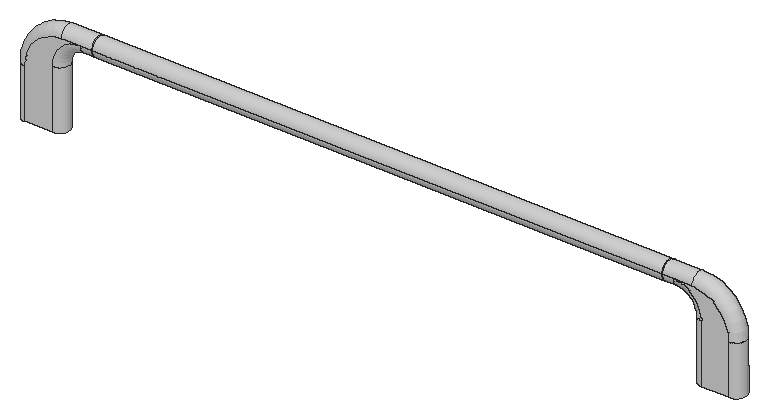
Revit family "CONTURA II SINGLE TOWEL RAIL 625MM", category Specialty Equipment, host Face, Revit 2020
Family settings
  Host = Face
  Round Connector Dimension = Use Radius
  Part Type = Normal
  OmniClass Number = 23.40.20.21.27
  OmniClass Title = Towel Bars
  Cut with Voids When Loaded = No
  Shared = No
  Room Calculation Point = No
Parameters (values of type "CONTURA II SINGLE TOWEL RAIL 625MM - CHROME")
  URL = "https://www.caroma.com.au/"
  Model = "849033C"
  Material_Base = GWA_Metal-Chrome
  Manufacturer = "GWA Bathrooms & Kitchens"  # constant formula
  Description = "CONTURA II SINGLE TOWEL RAIL 625MM - CHROME"
  Default Elevation = 1000 mm
  CreatedBy_ANZRS = "GWA Bathrooms & Kitchens"  # constant formula
  Assembly Code = "C1030220"
Types (6, lengths in mm): name | Model | Material_Base | Description
  (no name) | "849033C" | GWA_Metal-Chrome | "CONTURA II SINGLE TOWEL RAIL 625MM - CHROME"
  CONTURA II SINGLE TOWEL RAIL 625MM - CHROME | "849033C" | GWA_Metal-Chrome | "CONTURA II SINGLE TOWEL RAIL 625MM - CHROME"
  CONTURA II SINGLE TOWEL RAIL 625MM - MATTE BLACK | "849033B" | GWA-Metal-Black | "CONTURA II SINGLE TOWEL RAIL 625MM - MATTE BLACK"
  CONTURA II SINGLE TOWEL RAIL 625MM - BRUSHED BRASS | "849033BB" | GWA_Metal-Brushed-Brass | "CONTURA II SINGLE TOWEL RAIL 625MM - BRUSHED BRASS"
  CONTURA II SINGLE TOWEL RAIL 625MM - BRUSHED BRONZE | "849033BBZ" | GWA_Metal-Brushed-Bronze | "CONTURA II SINGLE TOWEL RAIL 625MM - BRUSHED BRONZE"
  CONTURA II SINGLE TOWEL RAIL 625MM - BRUSHED NICKEL | "849033BN" | GWA_Metal-Brushed-Nickel | "CONTURA II SINGLE TOWEL RAIL 625MM - BRUSHED NICKEL"
Reference planes
  plane 1 "Center (Front/Back)": y = 0
  plane 2: z = 0
  plane 3 "Center (Left/Right)": x = 0
  plane 4 "Rail": z = 75
Forms (mm)
  Extrusion 1, solid, material "GWA_Metal-Chrome" <- "Material_Base"
    sketch origin (292.5, 0, -8) x (1, 0, 0) y (0, 0, 1)
      loop
        arc (-36, 75) -> (-24.686, 70.314) -> (-20, 59) r 16
        line (-20, 59) -> (-20, 8) -> (20, 8) -> (20, 51)
        arc (20, 51) -> (8.284, 79.284) -> (-20, 91) r 40
        line (-20, 91) -> (-46, 91) -> (-46, 75) -> (-36, 75)
    from -8 to 8
  Sweep 2, void
    path origin (292.5, 0, -8) x (1, 0, 0) y (0, 0, 1)
      loop
        line (-46, 91) -> (-20, 91)
        arc (-20, 91) -> (8.284, 79.284) -> (20, 51) r 40
        line (20, 51) -> (20, 8)
    profile origin (312.5, 0, 21.5) x (0, -1, 0) y (1, 0, 0)
      loop
        line (8, -8) -> (10, -8) -> (10, 2) -> (-10, 2) -> (-10, -8) -> (-8, -8)
        arc (-8, -8) -> (0, 0) -> (8, -8) r 8
  Sweep 3, void
    path origin (292.5, 0, -8) x (1, 0, 0) y (0, 0, 1)
      loop
        line (-46, 75) -> (-36, 75)
        arc (-36, 75) -> (-24.686, 70.314) -> (-20, 59) r 16
        line (-20, 59) -> (-20, 8)
    profile origin (272.5, 0, 25.5) x (0, -1, 0) y (1, 0, 0)
      loop
        arc (8, 8) -> (0, 0) -> (-8, 8) r 8
        line (-8, 8) -> (-10, 8) -> (-10, -2) -> (10, -2) -> (10, 8) -> (8, 8)
  Sweep 4, solid, material "GWA_Metal-Chrome" <- "Material_Base"
    path origin (0, 0, 75) x (0, -1, 0) y (1, 0, 0)
      loop
        line (0, 246.5) -> (0, -246.5)
    profile origin (0, 0, 75) x (0, -1, 0) y (0, 0, 1)
      loop
        circle (0, 0) r 8
  Extrusion 5, solid, material "GWA_Metal-Chrome" <- "Material_Base"
    sketch origin (-292.5, 0, -8) x (-1, 0, 0) y (0, 0, -1)
      loop
        line (-36, -75) -> (-46, -75) -> (-46, -91) -> (-20, -91)
        arc (-20, -91) -> (8.284, -79.284) -> (20, -51) r 40
        line (20, -51) -> (20, -8) -> (-20, -8) -> (-20, -59)
        arc (-20, -59) -> (-24.686, -70.314) -> (-36, -75) r 16
    from -8 to 8
  Sweep 6, void
    path origin (-292.5, 0, -8) x (-1, 0, 0) y (0, 0, 1)
      loop
        line (-46, 91) -> (-20, 91)
        arc (-20, 91) -> (8.284, 79.284) -> (20, 51) r 40
        line (20, 51) -> (20, 8)
    profile origin (-312.5, 0, 21.5) x (0, -1, 0) y (1, 0, 0)
      loop
        arc (8, 8) -> (0, 0) -> (-8, 8) r 8
        line (-8, 8) -> (-10, 8) -> (-10, -2) -> (10, -2) -> (10, 8) -> (8, 8)
  Sweep 7, void
    path origin (-292.5, 0, -8) x (-1, 0, 0) y (0, 0, 1)
      loop
        line (-46, 75) -> (-36, 75)
        arc (-36, 75) -> (-24.686, 70.314) -> (-20, 59) r 16
        line (-20, 59) -> (-20, 8)
    profile origin (-272.5, 0, 25.5) x (0, -1, 0) y (1, 0, 0)
      loop
        line (8, -8) -> (10, -8) -> (10, 2) -> (-10, 2) -> (-10, -8) -> (-8, -8)
        arc (-8, -8) -> (0, 0) -> (8, -8) r 8
Cuts and joins
  Sweep 2, Sweep 3, Sweep 6, Sweep 7 cuts Extrusion 1
  Sweep 6, Sweep 7 cuts Extrusion 5
Lines and regions (mm)
  Masking region 1
    outline origin (300, 0, 0) x (0, 1, 0) y (0, 0, 1)
      loop
        line (-8, 0) -> (8, 0) -> (8, 83)
        arc (8, 83) -> (0, 91) -> (-8, 83) r 8
        line (-8, 83) -> (-8, 0)
  Masking region 2
    outline origin (0, 0, 75) x (0, -1, 0) y (1, 0, 0)
      loop
        arc (-8, -304.5) -> (0, -312.5) -> (8, -304.5) r 8
        line (8, -304.5) -> (8, 304.5)
        arc (8, 304.5) -> (0, 312.5) -> (-8, 304.5) r 8
        line (-8, 304.5) -> (-8, -304.5)
  Masking region 3
    outline origin (0, 0, 0) x (1, 0, 0) y (0, 0, 1)
      loop
        line (312.5, 0) -> (312.5, 43)
        arc (312.5, 43) -> (300.784, 71.284) -> (272.5, 83) r 40
        line (272.5, 83) -> (-272.5, 83)
        arc (-272.5, 83) -> (-300.784, 71.284) -> (-312.5, 43) r 40
        line (-312.5, 43) -> (-312.5, 0) -> (-272.5, 0) -> (-272.5, 51)
        arc (-272.5, 51) -> (-267.814, 62.314) -> (-256.5, 67) r 16
        line (-256.5, 67) -> (256.5, 67)
        arc (256.5, 67) -> (267.814, 62.314) -> (272.5, 51) r 16
        line (272.5, 51) -> (272.5, 0) -> (312.5, 0)
  symbolic lines
    curve 1: line (-304.5, 8, 75) -> (304.5, 8, 75)
    curve 2: arc (304.5, 8, 75) -> (312.5, 0, 75) -> (304.5, -8, 75) r 8
    curve 3: line (304.5, -8, 75) -> (-304.5, -8, 75)
    curve 4: line (246.5, 8, 75) -> (246.5, -8, 75)
    curve 5: line (300, -8, 0) -> (300, 8, 0)
    curve 6: line (300, 8, 0) -> (300, 8, 83)
    curve 7: arc (300, 8, 83) -> (300, 0, 91) -> (300, -8, 83) r 8
    curve 8: line (300, -8, 83) -> (300, -8, 0)
    curve 9: arc (-304.5, 8, 75) -> (-312.5, 0, 75) -> (-304.5, -8, 75) r 8
    curve 10: line (-246.5, 8, 75) -> (-246.5, -8, 75)
    curve 11: line (312.5, 0, 0) -> (272.5, 0, 0)
    curve 12: line (272.5, 0, 0) -> (272.5, 0, 51)
    curve 13: line (312.5, 0, 0) -> (312.5, 0, 43)
    curve 14: line (-272.5, 0, 83) -> (272.5, 0, 83)
    curve 15: line (256.5, 0, 67) -> (-256.5, 0, 67)
    curve 16: line (246.5, 0, 67) -> (246.5, 0, 83)
    curve 17: arc (272.5, 0, 51) -> (267.814, 0, 62.314) -> (256.5, 0, 67) r 16
    curve 18: arc (312.5, 0, 43) -> (300.784, 0, 71.284) -> (272.5, 0, 83) r 40
    curve 19: line (-312.5, 0, 0) -> (-272.5, 0, 0)
    curve 20: line (-272.5, 0, 0) -> (-272.5, 0, 51)
    curve 21: line (-312.5, 0, 0) -> (-312.5, 0, 43)
    curve 22: line (-246.5, 0, 67) -> (-246.5, 0, 83)
    curve 23: arc (-272.5, 0, 51) -> (-267.814, 0, 62.314) -> (-256.5, 0, 67) r 16
    curve 24: arc (-312.5, 0, 43) -> (-300.784, 0, 71.284) -> (-272.5, 0, 83) r 40
Dimensions and locks
  Extrusion 1 sketch curve to Extrusion 1 sketch curve = 40 mm  (x2)
  Extrusion 5 sketch curve to Extrusion 5 sketch curve = 40 mm  (x2)
  aligned and locked: plane 2 to host face
  aligned and locked: level to host face
